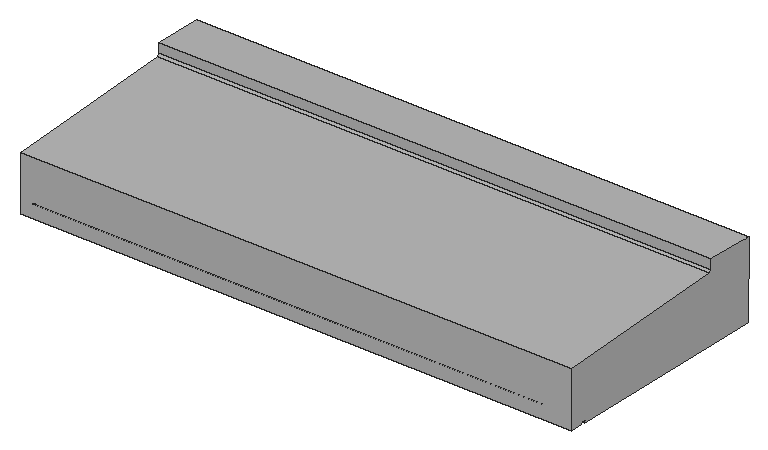
Revit family "J-Sill -S306", category Generic Models, Revit 2020
Family settings
  Can host rebar = No
  Round Connector Dimension = Use Diameter
  Part Type = Normal
  Work Plane-Based = No
  Always vertical = Yes
  Cut with Voids When Loaded = No
  Shared = No
  Room Calculation Point = No
Parameters
  Width of Seating = 85 mm
  Weight = "112Kg/m"
  Warranty Guarantor Parts = "n/a"
  Warranty Guarantor Labour = "n/a"
  Warranty Duration Unit = "n/a"
  Warranty Duration Parts = "n/a"
  Warranty Duration Labour = "n/a"
  Warranty Description = "n/a"
  URL = "www.killeshal.com"
  Types = "Single"
  Type Comments = "Visit our website for a full list of available products."
  Sustainability Performance = "n/a"
  Structural Class = "n/a"
  Span = "Ope Size + 205mm overhang."
  Slope = "0.00°"
  Size = "400mm x 140 to 100mm"
  Sill Width [instance] = 400 mm
  Sill Length [instance] = 1002 mm
  Sill Height [instance] = 140 mm
  Shape = "As per drawing"
  Service Life = "0.000000"
  Serial Number = "n/a"
  Resistance to Fire = "n/a"
  Replacement Cost = "n/a"
  Reference = "n/a"
  Notified Body = "n/a"
  Nominal Cover to Main Bar = "n/a"
  Model = "S/306 Sill"
  Mechanical Resistance = "n/a"
  Manufacturer = "Killeshal Precast Concrete Ltd."
  Load Bearing = no
  Life Cycle Environmental Load = "n/a"
  Length Options = "All sizes made to order."
  Keynote = "The information contained is the sole property of KPC Ltd., any reproduction in part or whole without permission of KPC Ltd. is prohibited."
  Front Face Dimension = 100 mm
  Environmental Product Declaration = "n/a"
  Environmental Class = "n/a"
  Durability against Corrosion = "n/a"
  Distance from Face to Seating = 315 mm
  Dimension Accuracy Class = "n/a"
  Detailing = "As per design specification and product drawings."
  Description = "Type J-Sill"
  Default Elevation = 0 mm
  Dangerous Substances = "n/a"
  Contact Tel = "0035357 9353018"
  Contact Email = "sales@killeshal.com"
  Construction Type = "Precast"
  Construction Tolerance Class = "n/a"
  Compressive Strength of Concrete = "n/a"
  Characteristics of Reinforcing Steel = "n/a"
  Characteristics Deflection Under Load = "n/a"
Reference planes
  plane 1 "Center (Front/Back)": y = 0
  plane 2: z = 0
  plane 3 "Center (Left/Right)": x = 0
  plane 4 "Rear": y = 200
  plane 5 "Front": y = -200
  plane 6 "Top": z = 140
  plane 7 "Center L/T": z = 100
  plane 8 "Center L/U": y = 115.5
  plane 9 "Center L/V": z = 120
Forms (mm)
  Extrusion 1, solid, material "Precast Concrete (KPC)"
    sketch origin (0, 0, 0) x (0, 1, 0) y (0, 0, 1)
      loop
        line (200, 0) -> (200, 140) -> (115.5, 140) -> (115.5, 123.494)
        arc (115.5, 123.494) -> (114.336, 120.918) -> (111.761, 119.755) r 4
        line (111.761, 119.755) -> (-200, 100) -> (-200, 0) -> (-180, 0)
        arc (-180, 0) -> (-175, 5) -> (-170, 0) r 5
        line (-170, 0) -> (200, 0)
    from 0 to 1002
Dimensions and locks
  "Sill Length": Extrusion 1 to Extrusion 1
  "Sill Width": Extrusion 1 to Extrusion 1
  plane 7 "Center L/T" to Extrusion 1 = 100 mm
  "Sill Height": Extrusion 1 to Extrusion 1
  plane 4 "Rear" to plane 8 "Center L/U" = 84.5 mm
  plane 6 "Top" to plane 9 "Center L/V" = 20 mm
  aligned and locked: level to plane 2
Automatic sketch dimensions
  Extrusion 1 sketch curve to level = 0 mm
  Extrusion 1 sketch curve to plane 5 "Front" = 0 mm
  Extrusion 1 sketch curve to plane 8 "Center L/U" = 0 mm
  Extrusion 1 sketch curve to plane 4 "Rear" = 0 mm
  Extrusion 1 sketch curve to plane 7 "Center L/T" = 0 mm
  Extrusion 1 sketch curve to plane 6 "Top" = 0 mm
  plane 5 "Front" to Extrusion 1 sketch curve = 20 mm
  Extrusion 1 sketch curve to Extrusion 1 sketch curve = 5 mm
  Extrusion 1 sketch curve to plane 8 "Center L/U" = 3.992 mm
  Extrusion 1 sketch curve to plane 9 "Center L/V" = 0.245 mm
  Extrusion 1 sketch curve to plane 8 "Center L/U" = 3.739 mm
  plane 9 "Center L/V" to Extrusion 1 sketch curve = 3.494 mm
